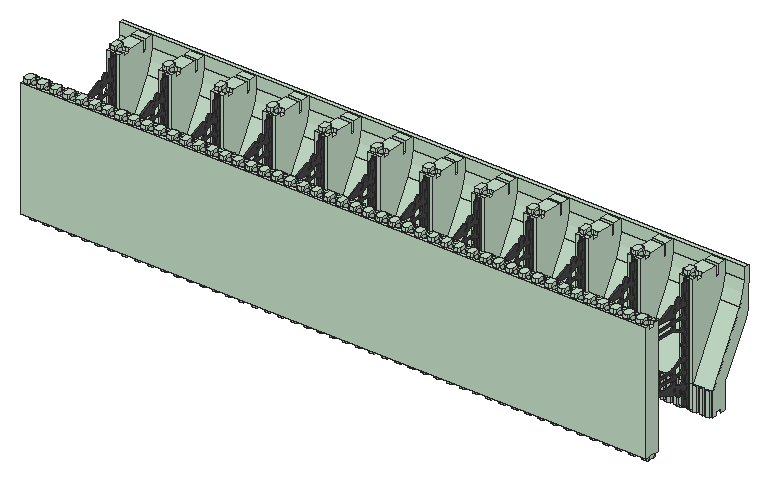
Revit family (continued)
Forms (mm)
  Extrusion 171, solid, material "NUDURA Expanded Polystyrene Foam Insulation"
    sketch origin (0, 0.011, 0) x (1, 0, 0) y (0, 1, 0)
      loop
        line (386.558, 76.2) -> (400.842, 76.2) -> (399.258, 82.55) -> (388.142, 82.55) -> (386.558, 76.2)
      loop
        line (361.158, 76.2) -> (375.442, 76.2) -> (373.858, 82.55) -> (362.742, 82.55) -> (361.158, 76.2)
      loop
        line (335.758, 76.2) -> (350.042, 76.2) -> (348.458, 82.55) -> (337.342, 82.55) -> (335.758, 76.2)
      loop
        line (259.558, 76.2) -> (273.842, 76.2) -> (272.258, 82.55) -> (261.142, 82.55) -> (259.558, 76.2)
      loop
        line (234.158, 76.2) -> (248.442, 76.2) -> (246.858, 82.55) -> (235.742, 82.55) -> (234.158, 76.2)
      loop
        line (208.758, 76.2) -> (223.042, 76.2) -> (221.458, 82.55) -> (210.342, 82.55) -> (208.758, 76.2)
      loop
        line (183.358, 76.2) -> (197.642, 76.2) -> (196.058, 82.55) -> (184.942, 82.55) -> (183.358, 76.2)
      loop
        line (157.958, 76.2) -> (172.242, 76.2) -> (170.658, 82.55) -> (159.542, 82.55) -> (157.958, 76.2)
      loop
        line (132.558, 76.2) -> (146.842, 76.2) -> (145.258, 82.55) -> (134.142, 82.55) -> (132.558, 76.2)
      loop
        line (56.358, 76.2) -> (70.642, 76.2) -> (69.058, 82.55) -> (57.942, 82.55) -> (56.358, 76.2)
      loop
        line (30.958, 76.2) -> (45.242, 76.2) -> (43.658, 82.55) -> (32.542, 82.55) -> (30.958, 76.2)
      loop
        line (5.558, 76.2) -> (19.842, 76.2) -> (18.258, 82.55) -> (7.142, 82.55) -> (5.558, 76.2)
    from 0 to 92.075
Cuts and joins
  Extrusion 2, Extrusion 3, Extrusion 4, Extrusion 5, Extrusion 6, Extrusion 7, Extrusion 8, Extrusion 9, Extrusion 10, Extrusion 11, Extrusion 12, Extrusion 13, Extrusion 14, Extrusion 15, Extrusion 16, Extrusion 17, Extrusion 18, Extrusion 19, Extrusion 20, Extrusion 21, Extrusion 22, Extrusion 23, Extrusion 24, Extrusion 25, Extrusion 26, Extrusion 27, Extrusion 28, Extrusion 29, Extrusion 30, Extrusion 31, Extrusion 32, Extrusion 33, Extrusion 34, Extrusion 35, Extrusion 36, Extrusion 37, Extrusion 38, Extrusion 39, Extrusion 40, Extrusion 41, Extrusion 42, Extrusion 43, Extrusion 44, Extrusion 45, Extrusion 46, Extrusion 47, Extrusion 48, Extrusion 49, Extrusion 62, Extrusion 63, Extrusion 64, Extrusion 65, Extrusion 66, Extrusion 67, Extrusion 68, Extrusion 69, Extrusion 70, Extrusion 71, Extrusion 72, Extrusion 73, Extrusion 74, Extrusion 75, Extrusion 76, Extrusion 77, Extrusion 78, Extrusion 79, Extrusion 80, Extrusion 81, Extrusion 82, Extrusion 83, Extrusion 84, Extrusion 85, Extrusion 86, Extrusion 87, Extrusion 88, Extrusion 89, Extrusion 90, Extrusion 91, Extrusion 92, Extrusion 93, Extrusion 94, Extrusion 95, Extrusion 96, Extrusion 97, Extrusion 98, Extrusion 99, Extrusion 100, Extrusion 101, Extrusion 102, Extrusion 103, Extrusion 104, Extrusion 105, Extrusion 106, Extrusion 107, Extrusion 108, Extrusion 109 cuts Extrusion 1
  Extrusion 50, Extrusion 110, Extrusion 111, Extrusion 112, Extrusion 113, Extrusion 114, Extrusion 115, Extrusion 116, Extrusion 117, Extrusion 118, Extrusion 119, Extrusion 120, Extrusion 121, Extrusion 122, Extrusion 123, Extrusion 124, Extrusion 125, Extrusion 126, Extrusion 127, Extrusion 128, Extrusion 129, Extrusion 130, Extrusion 131, Extrusion 132, Extrusion 133, Extrusion 134, Extrusion 135, Extrusion 136, Extrusion 137, Extrusion 138, Extrusion 139, Extrusion 140, Extrusion 141, Extrusion 142, Extrusion 143, Extrusion 144, Extrusion 145, Extrusion 146, Extrusion 147, Extrusion 148, Extrusion 149, Extrusion 150, Extrusion 151, Extrusion 152, Extrusion 153, Extrusion 154, Extrusion 155, Extrusion 156, Extrusion 157 cuts Extrusion 158
  Extrusion 50 cuts Extrusion 170
  Extrusion 51 cuts Extrusion 169
  Extrusion 52 cuts Extrusion 168
  Extrusion 53 cuts Extrusion 167
  Extrusion 54 cuts Extrusion 166
  Extrusion 55 cuts Extrusion 165
  Extrusion 56 cuts Extrusion 164
  Extrusion 57 cuts Extrusion 163
  Extrusion 58 cuts Extrusion 162
  Extrusion 59 cuts Extrusion 161
  Extrusion 60 cuts Extrusion 160
  Extrusion 61 cuts Extrusion 159
Lines and regions (mm)
  model lines
    curve 1: line (203.2, -244.464, 457.2) -> (203.2, -244.464, 0)
Dimensions and locks
  aligned and locked: level to plane 2
  aligned and locked: level to Extrusion 1
Nested families
  nested 1: "NUDURA Diamond Pattern" at (0, -101.589, 0), type "NUDURA Diamond Pattern"
  nested 2: "NUDURA Diamond Pattern" at (406.4, -101.589, 0), type "NUDURA Diamond Pattern"
  nested 3: "NUDURA Diamond Pattern" at (609.6, -101.589, 0), type "NUDURA Diamond Pattern"
  nested 4: "NUDURA Diamond Pattern" at (1016, -101.589, 0), type "NUDURA Diamond Pattern"
  nested 5: "NUDURA Diamond Pattern" at (1219.2, -101.589, 0), type "NUDURA Diamond Pattern"
  nested 6: "NUDURA Diamond Pattern" at (1625.6, -101.589, 0), type "NUDURA Diamond Pattern"
  nested 7: "NUDURA Diamond Pattern" at (1828.8, -101.589, 0), type "NUDURA Diamond Pattern"
  nested 8: "NUDURA Diamond Pattern" at (2235.2, -101.589, 0), type "NUDURA Diamond Pattern"
  nested 9: "Interlock Tooth" at (0, -101.589, 0), type "Interlock Tooth"
  nested 10: "Interlock Tooth" at (50.8, -101.589, 0), type "Interlock Tooth"
  nested 11: "Interlock Tooth" at (101.6, -101.589, 0), type "Interlock Tooth"
  nested 12: "Interlock Tooth" at (152.4, -101.589, 0), type "Interlock Tooth"
  nested 13: "Interlock Tooth" at (203.2, -101.589, 0), type "Interlock Tooth"
  nested 14: "Interlock Tooth" at (254, -101.589, 0), type "Interlock Tooth"
  nested 15: "Interlock Tooth" at (304.8, -101.589, 0), type "Interlock Tooth"
  nested 16: "Interlock Tooth" at (355.6, -101.589, 0), type "Interlock Tooth"
  nested 17: "Interlock Tooth" at (406.4, -101.589, 0), type "Interlock Tooth"
  nested 18: "Interlock Tooth" at (457.2, -101.589, 0), type "Interlock Tooth"
  nested 19: "Interlock Tooth" at (508, -101.589, 0), type "Interlock Tooth"
  nested 20: "Interlock Tooth" at (558.8, -101.589, 0), type "Interlock Tooth"
  nested 21: "Interlock Tooth" at (609.6, -101.589, 0), type "Interlock Tooth"
  nested 22: "Interlock Tooth" at (660.4, -101.589, 0), type "Interlock Tooth"
  nested 23: "Interlock Tooth" at (711.2, -101.589, 0), type "Interlock Tooth"
  nested 24: "Interlock Tooth" at (762, -101.589, 0), type "Interlock Tooth"
  nested 25: "Interlock Tooth" at (812.8, -101.589, 0), type "Interlock Tooth"
  nested 26: "Interlock Tooth" at (863.6, -101.589, 0), type "Interlock Tooth"
  nested 27: "Interlock Tooth" at (914.4, -101.589, 0), type "Interlock Tooth"
  nested 28: "Interlock Tooth" at (965.2, -101.589, 0), type "Interlock Tooth"
  nested 29: "Interlock Tooth" at (1016, -101.589, 0), type "Interlock Tooth"
  nested 30: "Interlock Tooth" at (1066.8, -101.589, 0), type "Interlock Tooth"
  nested 31: "Interlock Tooth" at (1117.6, -101.589, 0), type "Interlock Tooth"
  nested 32: "Interlock Tooth" at (1168.4, -101.589, 0), type "Interlock Tooth"
  nested 33: "Interlock Tooth" at (1219.2, -101.589, 0), type "Interlock Tooth"
  nested 34: "Interlock Tooth" at (1270, -101.589, 0), type "Interlock Tooth"
  nested 35: "Interlock Tooth" at (1320.8, -101.589, 0), type "Interlock Tooth"
  nested 36: "Interlock Tooth" at (1371.6, -101.589, 0), type "Interlock Tooth"
  nested 37: "Interlock Tooth" at (1422.4, -101.589, 0), type "Interlock Tooth"
  nested 38: "Interlock Tooth" at (1473.2, -101.589, 0), type "Interlock Tooth"
  nested 39: "Interlock Tooth" at (1524, -101.589, 0), type "Interlock Tooth"
  nested 40: "Interlock Tooth" at (1574.8, -101.589, 0), type "Interlock Tooth"
  nested 41: "Interlock Tooth" at (1625.6, -101.589, 0), type "Interlock Tooth"
  nested 42: "Interlock Tooth" at (1676.4, -101.589, 0), type "Interlock Tooth"
  nested 43: "Interlock Tooth" at (1727.2, -101.589, 0), type "Interlock Tooth"
  nested 44: "Interlock Tooth" at (1778, -101.589, 0), type "Interlock Tooth"
  nested 45: "Interlock Tooth" at (1828.8, -101.589, 0), type "Interlock Tooth"
  nested 46: "Interlock Tooth" at (1879.6, -101.589, 0), type "Interlock Tooth"
  nested 47: "Interlock Tooth" at (1930.4, -101.589, 0), type "Interlock Tooth"
  nested 48: "Interlock Tooth" at (1981.2, -101.589, 0), type "Interlock Tooth"
  nested 49: "Interlock Tooth" at (2032, -101.589, 0), type "Interlock Tooth"
  nested 50: "Interlock Tooth" at (2082.8, -101.589, 0), type "Interlock Tooth"
  nested 51: "Interlock Tooth" at (2133.6, -101.589, 0), type "Interlock Tooth"
  nested 52: "Interlock Tooth" at (2184.4, -101.589, 0), type "Interlock Tooth"
  nested 53: "Interlock Tooth" at (2235.2, -101.589, 0), type "Interlock Tooth"
  nested 54: "Interlock Tooth" at (2286, -101.589, 0), type "Interlock Tooth"
  nested 55: "Interlock Tooth" at (2336.8, -101.589, 0), type "Interlock Tooth"
  nested 56: "Interlock Tooth" at (2387.6, -101.589, 0), type "Interlock Tooth"
  nested 57: "Interlock Tooth" at (76.2, 225.436, 0), type "Interlock Tooth"
  nested 58: "Interlock Tooth" at (279.4, 225.436, 0), type "Interlock Tooth"
  nested 59: "Interlock Tooth" at (482.6, 225.436, 0), type "Interlock Tooth"
  nested 60: "Interlock Tooth" at (685.8, 225.436, 0), type "Interlock Tooth"
  nested 61: "Interlock Tooth" at (889, 225.436, 0), type "Interlock Tooth"
  nested 62: "Interlock Tooth" at (1092.2, 225.436, 0), type "Interlock Tooth"
  nested 63: "Interlock Tooth" at (1295.4, 225.436, 0), type "Interlock Tooth"
  nested 64: "Interlock Tooth" at (1498.6, 225.436, 0), type "Interlock Tooth"
  nested 65: "Interlock Tooth" at (1701.8, 225.436, 0), type "Interlock Tooth"
  nested 66: "Interlock Tooth" at (1905, 225.436, 0), type "Interlock Tooth"
  nested 67: "Interlock Tooth" at (2108.2, 225.436, 0), type "Interlock Tooth"
  nested 68: "Interlock Tooth" at (2311.4, 225.436, 0), type "Interlock Tooth"
  nested 69: "Interlock Tooth" at (25.4, -327.014, -469.9), type "Interlock Tooth"
  nested 70: "Interlock Tooth" at (76.2, -327.014, -469.9), type "Interlock Tooth"
  nested 71: "Interlock Tooth" at (127, -327.014, -469.9), type "Interlock Tooth"
  nested 72: "Interlock Tooth" at (177.8, -327.014, -469.9), type "Interlock Tooth"
  nested 73: "Interlock Tooth" at (228.6, -327.014, -469.9), type "Interlock Tooth"
  nested 74: "Interlock Tooth" at (279.4, -327.014, -469.9), type "Interlock Tooth"
  nested 75: "Interlock Tooth" at (330.2, -327.014, -469.9), type "Interlock Tooth"
  nested 76: "Interlock Tooth" at (381, -327.014, -469.9), type "Interlock Tooth"
  nested 77: "Interlock Tooth" at (431.8, -327.014, -469.9), type "Interlock Tooth"
  nested 78: "Interlock Tooth" at (482.6, -327.014, -469.9), type "Interlock Tooth"
  nested 79: "Interlock Tooth" at (533.4, -327.014, -469.9), type "Interlock Tooth"
  nested 80: "Interlock Tooth" at (584.2, -327.014, -469.9), type "Interlock Tooth"
  nested 81: "Interlock Tooth" at (635, -327.014, -469.9), type "Interlock Tooth"
  nested 82: "Interlock Tooth" at (685.8, -327.014, -469.9), type "Interlock Tooth"
  nested 83: "Interlock Tooth" at (736.6, -327.014, -469.9), type "Interlock Tooth"
  nested 84: "Interlock Tooth" at (787.4, -327.014, -469.9), type "Interlock Tooth"
  nested 85: "Interlock Tooth" at (838.2, -327.014, -469.9), type "Interlock Tooth"
  nested 86: "Interlock Tooth" at (889, -327.014, -469.9), type "Interlock Tooth"
  nested 87: "Interlock Tooth" at (939.8, -327.014, -469.9), type "Interlock Tooth"
  nested 88: "Interlock Tooth" at (990.6, -327.014, -469.9), type "Interlock Tooth"
  nested 89: "Interlock Tooth" at (1041.4, -327.014, -469.9), type "Interlock Tooth"
  nested 90: "Interlock Tooth" at (1092.2, -327.014, -469.9), type "Interlock Tooth"
  nested 91: "Interlock Tooth" at (1143, -327.014, -469.9), type "Interlock Tooth"
  nested 92: "Interlock Tooth" at (1193.8, -327.014, -469.9), type "Interlock Tooth"
  nested 93: "Interlock Tooth" at (1244.6, -327.014, -469.9), type "Interlock Tooth"
  nested 94: "Interlock Tooth" at (1295.4, -327.014, -469.9), type "Interlock Tooth"
  nested 95: "Interlock Tooth" at (1346.2, -327.014, -469.9), type "Interlock Tooth"
  nested 96: "Interlock Tooth" at (1397, -327.014, -469.9), type "Interlock Tooth"
  nested 97: "Interlock Tooth" at (1447.8, -327.014, -469.9), type "Interlock Tooth"
  nested 98: "Interlock Tooth" at (1498.6, -327.014, -469.9), type "Interlock Tooth"
  nested 99: "Interlock Tooth" at (1549.4, -327.014, -469.9), type "Interlock Tooth"
  nested 100: "Interlock Tooth" at (1600.2, -327.014, -469.9), type "Interlock Tooth"
  nested 101: "Interlock Tooth" at (1651, -327.014, -469.9), type "Interlock Tooth"
  nested 102: "Interlock Tooth" at (1701.8, -327.014, -469.9), type "Interlock Tooth"
  nested 103: "Interlock Tooth" at (1752.6, -327.014, -469.9), type "Interlock Tooth"
  nested 104: "Interlock Tooth" at (1803.4, -327.014, -469.9), type "Interlock Tooth"
  nested 105: "Interlock Tooth" at (1854.2, -327.014, -469.9), type "Interlock Tooth"
  nested 106: "Interlock Tooth" at (1905, -327.014, -469.9), type "Interlock Tooth"
  nested 107: "Interlock Tooth" at (1955.8, -327.014, -469.9), type "Interlock Tooth"
  nested 108: "Interlock Tooth" at (2006.6, -327.014, -469.9), type "Interlock Tooth"
  nested 109: "Interlock Tooth" at (2057.4, -327.014, -469.9), type "Interlock Tooth"
  nested 110: "Interlock Tooth" at (2108.2, -327.014, -469.9), type "Interlock Tooth"
  nested 111: "Interlock Tooth" at (2159, -327.014, -469.9), type "Interlock Tooth"
  nested 112: "Interlock Tooth" at (2209.8, -327.014, -469.9), type "Interlock Tooth"
  nested 113: "Interlock Tooth" at (2260.6, -327.014, -469.9), type "Interlock Tooth"
  nested 114: "Interlock Tooth" at (2311.4, -327.014, -469.9), type "Interlock Tooth"
  nested 115: "Interlock Tooth" at (2362.2, -327.014, -469.9), type "Interlock Tooth"
  nested 116: "Interlock Tooth" at (2413, -327.014, -469.9), type "Interlock Tooth"
  nested 117: "Interlock Tooth" at (0, 0.011, -469.9), type "Interlock Tooth"
  nested 118: "Interlock Tooth" at (50.8, 0.011, -469.9), type "Interlock Tooth"
  nested 119: "Interlock Tooth" at (101.6, 0.011, -469.9), type "Interlock Tooth"
  nested 120: "Interlock Tooth" at (152.4, 0.011, -469.9), type "Interlock Tooth"
  nested 121: "Interlock Tooth" at (203.2, 0.011, -469.9), type "Interlock Tooth"
  nested 122: "Interlock Tooth" at (254, 0.011, -469.9), type "Interlock Tooth"
  nested 123: "Interlock Tooth" at (304.8, 0.011, -469.9), type "Interlock Tooth"
  nested 124: "Interlock Tooth" at (355.6, 0.011, -469.9), type "Interlock Tooth"
  nested 125: "Interlock Tooth" at (406.4, 0.011, -469.9), type "Interlock Tooth"
  nested 126: "Interlock Tooth" at (457.2, 0.011, -469.9), type "Interlock Tooth"
  nested 127: "Interlock Tooth" at (508, 0.011, -469.9), type "Interlock Tooth"
  nested 128: "Interlock Tooth" at (558.8, 0.011, -469.9), type "Interlock Tooth"
  nested 129: "Interlock Tooth" at (609.6, 0.011, -469.9), type "Interlock Tooth"
  nested 130: "Interlock Tooth" at (660.4, 0.011, -469.9), type "Interlock Tooth"
  nested 131: "Interlock Tooth" at (711.2, 0.011, -469.9), type "Interlock Tooth"
  nested 132: "Interlock Tooth" at (762, 0.011, -469.9), type "Interlock Tooth"
  nested 133: "Interlock Tooth" at (812.8, 0.011, -469.9), type "Interlock Tooth"
  nested 134: "Interlock Tooth" at (863.6, 0.011, -469.9), type "Interlock Tooth"
  nested 135: "Interlock Tooth" at (914.4, 0.011, -469.9), type "Interlock Tooth"
  nested 136: "Interlock Tooth" at (965.2, 0.011, -469.9), type "Interlock Tooth"
  nested 137: "Interlock Tooth" at (1016, 0.011, -469.9), type "Interlock Tooth"
  nested 138: "Interlock Tooth" at (1066.8, 0.011, -469.9), type "Interlock Tooth"
  nested 139: "Interlock Tooth" at (1117.6, 0.011, -469.9), type "Interlock Tooth"
  nested 140: "Interlock Tooth" at (1168.4, 0.011, -469.9), type "Interlock Tooth"
  nested 141: "Interlock Tooth" at (1219.2, 0.011, -469.9), type "Interlock Tooth"
  nested 142: "Interlock Tooth" at (1270, 0.011, -469.9), type "Interlock Tooth"
  nested 143: "Interlock Tooth" at (1320.8, 0.011, -469.9), type "Interlock Tooth"
  nested 144: "Interlock Tooth" at (1371.6, 0.011, -469.9), type "Interlock Tooth"
  nested 145: "Interlock Tooth" at (1422.4, 0.011, -469.9), type "Interlock Tooth"
  nested 146: "Interlock Tooth" at (1473.2, 0.011, -469.9), type "Interlock Tooth"
  nested 147: "Interlock Tooth" at (1524, 0.011, -469.9), type "Interlock Tooth"
  nested 148: "Interlock Tooth" at (1574.8, 0.011, -469.9), type "Interlock Tooth"
  nested 149: "Interlock Tooth" at (1625.6, 0.011, -469.9), type "Interlock Tooth"
  nested 150: "Interlock Tooth" at (1676.4, 0.011, -469.9), type "Interlock Tooth"
  nested 151: "Interlock Tooth" at (1727.2, 0.011, -469.9), type "Interlock Tooth"
  nested 152: "Interlock Tooth" at (1778, 0.011, -469.9), type "Interlock Tooth"
  nested 153: "Interlock Tooth" at (1828.8, 0.011, -469.9), type "Interlock Tooth"
  nested 154: "Interlock Tooth" at (1879.6, 0.011, -469.9), type "Interlock Tooth"
  nested 155: "Interlock Tooth" at (1930.4, 0.011, -469.9), type "Interlock Tooth"
  nested 156: "Interlock Tooth" at (1981.2, 0.011, -469.9), type "Interlock Tooth"
  nested 157: "Interlock Tooth" at (2032, 0.011, -469.9), type "Interlock Tooth"
  nested 158: "Interlock Tooth" at (2082.8, 0.011, -469.9), type "Interlock Tooth"
  nested 159: "Interlock Tooth" at (2133.6, 0.011, -469.9), type "Interlock Tooth"
  nested 160: "Interlock Tooth" at (2184.4, 0.011, -469.9), type "Interlock Tooth"
  nested 161: "Interlock Tooth" at (2235.2, 0.011, -469.9), type "Interlock Tooth"
  nested 162: "Interlock Tooth" at (2286, 0.011, -469.9), type "Interlock Tooth"
  nested 163: "Interlock Tooth" at (2336.8, 0.011, -469.9), type "Interlock Tooth"
  nested 164: "Interlock Tooth" at (2387.6, 0.011, -469.9), type "Interlock Tooth"
  nested 165: "NUDURA Logo Diamond" at (0, -244.464, 0), type "NUDURA Logo Diamond"
  nested 166: "NUDURA Logo Diamond" at (609.6, -244.464, 0), type "NUDURA Logo Diamond"
  nested 167: "NUDURA Logo Diamond" at (1219.2, -244.464, 0), type "NUDURA Logo Diamond"
  nested 168: "NUDURA Logo Diamond" at (1828.8, -244.464, 0), type "NUDURA Logo Diamond"
  nested 169: "NUDURA Brick Ledge Diamond Pattern" at (2235.2, 285.761, 0), type "NUDURA Brick Ledge Diamond Pattern"
  nested 170: "NUDURA Brick Ledge Diamond Pattern" at (2032, 285.761, 0), type "NUDURA Brick Ledge Diamond Pattern"
  nested 171: "NUDURA Brick Ledge Diamond Pattern" at (1828.8, 285.761, 0), type "NUDURA Brick Ledge Diamond Pattern"
  nested 172: "NUDURA Brick Ledge Diamond Pattern" at (1625.6, 285.761, 0), type "NUDURA Brick Ledge Diamond Pattern"
  nested 173: "NUDURA Brick Ledge Diamond Pattern" at (1422.4, 285.761, 0), type "NUDURA Brick Ledge Diamond Pattern"
  nested 174: "NUDURA Brick Ledge Diamond Pattern" at (1219.2, 285.761, 0), type "NUDURA Brick Ledge Diamond Pattern"
  nested 175: "NUDURA Brick Ledge Diamond Pattern" at (1016, 285.761, 0), type "NUDURA Brick Ledge Diamond Pattern"
  nested 176: "NUDURA Brick Ledge Diamond Pattern" at (812.8, 285.761, 0), type "NUDURA Brick Ledge Diamond Pattern"
  nested 177: "NUDURA Brick Ledge Diamond Pattern" at (609.6, 285.761, 0), type "NUDURA Brick Ledge Diamond Pattern"
  nested 178: "NUDURA Brick Ledge Diamond Pattern" at (406.4, 285.761, 0), type "NUDURA Brick Ledge Diamond Pattern"
  nested 179: "NUDURA Brick Ledge Diamond Pattern" at (203.2, 285.761, 0), type "NUDURA Brick Ledge Diamond Pattern"
  nested 180: "NUDURA Brick Ledge Diamond Pattern" at (0, 285.761, 0), type "NUDURA Brick Ledge Diamond Pattern"
  nested 181: "10-inch Insert Web" at (101.6, -50.789, 0), type "10-inch Insert Web"
  nested 182: "10-inch Insert Web" at (304.8, -50.789, 0), type "10-inch Insert Web"
  nested 183: "10-inch Insert Web" at (508, -50.789, 0), type "10-inch Insert Web"
  nested 184: "10-inch Insert Web" at (711.2, -50.789, 0), type "10-inch Insert Web"
  nested 185: "10-inch Insert Web" at (914.4, -50.789, 0), type "10-inch Insert Web"
  nested 186: "10-inch Insert Web" at (1117.6, -50.789, 0), type "10-inch Insert Web"
  nested 187: "10-inch Insert Web" at (1320.8, -50.789, 0), type "10-inch Insert Web"
  nested 188: "10-inch Insert Web" at (1727.2, -50.789, 0), type "10-inch Insert Web"
  nested 189: "10-inch Insert Web" at (1930.4, -50.789, 0), type "10-inch Insert Web"
  nested 190: "10-inch Insert Web" at (1524, -50.789, 0), type "10-inch Insert Web"
  nested 191: "10-inch Insert Web" at (2133.6, -50.789, 0), type "10-inch Insert Web"
  nested 192: "10-inch Insert Web" at (2336.8, -50.789, 0), type "10-inch Insert Web"
Definition of nested family "Interlock Tooth"
  Reference planes
    plane 1 "Center (Front/Back)": y = 0
    plane 2: z = 0
    plane 3 "Center (Left/Right)": x = 0
    plane 4: z = 457.2
    plane 5: z = 469.9
    plane 6: z = -12.7
  Forms (mm)
    Extrusion 1, solid, material "NUDURA Expanded Polystyrene Foam Insulation"
      sketch origin (0, -225.425, 0) x (1, 0, 0) y (0, 1, 0)
        loop
          arc (0, 101.014) -> (1.215, 97.278) -> (4.396, 94.972) r 6.35
          arc (4.396, 94.972) -> (12.7, 93.663) -> (21.004, 94.972) r 26.988
          arc (21.004, 94.972) -> (24.185, 97.278) -> (25.4, 101.014) r 6.35
          line (25.4, 101.014) -> (25.4, 124.411)
          arc (25.4, 124.411) -> (24.185, 128.147) -> (21.004, 130.453) r 6.35
          arc (21.004, 130.453) -> (12.7, 131.763) -> (4.396, 130.453) r 26.987
          arc (4.396, 130.453) -> (1.215, 128.147) -> (0, 124.411) r 6.35
          line (0, 124.411) -> (0, 101.014)
      from 457.2 to 469.9
  Dimensions and locks
    locked: plane 4 to level at 457.2
    locked: plane 4 to plane 5 at 12.7
    locked: plane 6 to level at 12.7
Definition of nested family "10-inch Insert Web"
  Reference planes
    plane 1 "Center (Front/Back)": y = 0
    plane 2: z = 0
    plane 3 "Center (Left/Right)": x = 0
  Forms (mm)
    Extrusion 1, solid, material "High Density Polystyrene"
      sketch origin (0, 0, 0) x (0, 1, 0) y (0, 0, 1)
        loop
          line (133.35, 0) -> (133.35, 450.744)
          arc (133.35, 450.744) -> (132.617, 450.243) -> (132.334, 449.4) r 1.397
          line (132.334, 449.4) -> (132.334, 1.344)
          arc (132.334, 1.344) -> (132.617, 0.502) -> (133.35, 0) r 1.397
        loop
          arc (-133.35, 0) -> (-132.617, 0.502) -> (-132.334, 1.344) r 1.397
          line (-132.334, 1.344) -> (-132.334, 449.4)
          arc (-132.334, 449.4) -> (-132.617, 450.243) -> (-133.35, 450.744) r 1.397
          line (-133.35, 450.744) -> (-133.35, 0)
      from 9.227 to -9.227
    Extrusion 2, solid, material "High Density Polystyrene"
      sketch origin (0, 0, 0) x (0, 1, 0) y (0, 0, 1)
        loop
          arc (131.798, 442.16) -> (132.175, 442.021) -> (132.334, 441.652) r 0.508
          line (132.334, 441.652) -> (132.334, 447.972)
          arc (132.334, 447.972) -> (132.229, 447.585) -> (131.942, 447.306) r 0.762
          line (131.942, 447.306) -> (130.186, 446.33)
          arc (130.186, 446.33) -> (129.899, 446.05) -> (129.794, 445.664) r 0.762
          line (129.794, 445.664) -> (129.794, 442.585)
          arc (129.794, 442.585) -> (129.953, 442.216) -> (130.33, 442.078) r 0.508
          line (130.33, 442.078) -> (131.798, 442.16)
        loop
          line (-130.186, 446.33) -> (-131.942, 447.306)
          arc (-131.942, 447.306) -> (-132.229, 447.585) -> (-132.334, 447.972) r 0.762
          line (-132.334, 447.972) -> (-132.334, 441.652)
          arc (-132.334, 441.652) -> (-132.175, 442.021) -> (-131.798, 442.16) r 0.508
          line (-131.798, 442.16) -> (-130.33, 442.078)
          arc (-130.33, 442.078) -> (-129.953, 442.216) -> (-129.794, 442.585) r 0.508
          line (-129.794, 442.585) -> (-129.794, 445.664)
          arc (-129.794, 445.664) -> (-129.899, 446.05) -> (-130.186, 446.33) r 0.762
        loop
          line (131.798, 8.585) -> (130.33, 8.666)
          arc (130.33, 8.666) -> (129.953, 8.528) -> (129.794, 8.159) r 0.508
          line (129.794, 8.159) -> (129.794, 5.08)
          arc (129.794, 5.08) -> (129.899, 4.694) -> (130.186, 4.414) r 0.762
          line (130.186, 4.414) -> (131.942, 3.439)
          arc (131.942, 3.439) -> (132.229, 3.159) -> (132.334, 2.772) r 0.762
          line (132.334, 2.772) -> (132.334, 9.092)
          arc (132.334, 9.092) -> (132.175, 8.723) -> (131.798, 8.585) r 0.508
        loop
          arc (-130.186, 4.414) -> (-129.899, 4.694) -> (-129.794, 5.08) r 0.762
          line (-129.794, 5.08) -> (-129.794, 8.159)
          arc (-129.794, 8.159) -> (-129.953, 8.528) -> (-130.33, 8.666) r 0.508
          line (-130.33, 8.666) -> (-131.798, 8.585)
          arc (-131.798, 8.585) -> (-132.175, 8.723) -> (-132.334, 9.092) r 0.508
          line (-132.334, 9.092) -> (-132.334, 2.772)
          arc (-132.334, 2.772) -> (-132.229, 3.159) -> (-131.942, 3.439) r 0.762
          line (-131.942, 3.439) -> (-130.186, 4.414)
        loop
          line (127, 437.076) -> (125.095, 442.918)
          arc (125.095, 442.918) -> (123.825, 443.68) -> (122.555, 442.918) r 1.439
          line (122.555, 442.918) -> (121.313, 439.108) -> (118.083, 439.108)
          arc (118.083, 439.108) -> (117.204, 438.744) -> (116.84, 437.865) r 1.243
          line (116.84, 437.865) -> (116.84, 437.076) -> (114.3, 437.076) -> (114.3, 400.201)
          arc (114.3, 400.201) -> (112.544, 393.421) -> (107.718, 388.345) r 13.97
          arc (107.718, 388.345) -> (106.485, 386.915) -> (106.281, 385.039) r 3.175
          arc (106.281, 385.039) -> (94.976, 376.743) -> (95.802, 390.741) r 7.747
          arc (95.802, 390.741) -> (98.914, 398.005) -> (91.65, 401.117) r 5.588
          arc (91.65, 401.117) -> (82.659, 393.619) -> (79.799, 382.266) r 18.923
          arc (79.799, 382.266) -> (78.691, 371.727) -> (75.421, 361.646) r 50.8
          arc (75.421, 361.646) -> (62.744, 361.552) -> (66.95, 373.51) r 7.747
          arc (66.95, 373.51) -> (70.834, 381.929) -> (61.911, 384.447) r 6.096
          line (61.911, 384.447) -> (12.7, 361.328)
          arc (12.7, 361.328) -> (6.523, 359.099) -> (0, 358.343) r 28.508
          arc (0, 358.343) -> (-6.523, 359.099) -> (-12.7, 361.328) r 28.508
          line (-12.7, 361.328) -> (-61.911, 384.447)
          arc (-61.911, 384.447) -> (-70.834, 381.929) -> (-66.95, 373.51) r 6.096
          arc (-66.95, 373.51) -> (-62.744, 361.552) -> (-75.421, 361.646) r 7.747
          arc (-75.421, 361.646) -> (-78.691, 371.727) -> (-79.799, 382.266) r 50.8
          arc (-79.799, 382.266) -> (-82.659, 393.619) -> (-91.65, 401.117) r 18.923
          arc (-91.65, 401.117) -> (-98.914, 398.005) -> (-95.802, 390.741) r 5.588
          arc (-95.802, 390.741) -> (-94.976, 376.743) -> (-106.281, 385.039) r 7.747
          arc (-106.281, 385.039) -> (-106.485, 386.915) -> (-107.718, 388.345) r 3.175
          arc (-107.718, 388.345) -> (-112.544, 393.421) -> (-114.3, 400.201) r 13.97
          line (-114.3, 400.201) -> (-114.3, 437.076) -> (-116.84, 437.076) -> (-116.84, 437.865)
          arc (-116.84, 437.865) -> (-117.204, 438.744) -> (-118.083, 439.108) r 1.243
          line (-118.083, 439.108) -> (-121.313, 439.108) -> (-122.555, 442.918)
          arc (-122.555, 442.918) -> (-123.825, 443.68) -> (-125.095, 442.918) r 1.439
          line (-125.095, 442.918) -> (-127, 437.076) -> (-127, 16.896) -> (-125.095, 11.054)
          arc (-125.095, 11.054) -> (-123.825, 10.292) -> (-122.555, 11.054) r 1.439
          line (-122.555, 11.054) -> (-121.313, 14.864) -> (-118.083, 14.864)
          arc (-118.083, 14.864) -> (-117.204, 15.228) -> (-116.84, 16.107) r 1.243
          line (-116.84, 16.107) -> (-116.84, 16.896) -> (-114.3, 16.896) -> (-114.3, 56.999)
          arc (-114.3, 56.999) -> (-112.544, 63.779) -> (-107.718, 68.855) r 13.97
          arc (-107.718, 68.855) -> (-106.485, 70.285) -> (-106.281, 72.161) r 3.175
          arc (-106.281, 72.161) -> (-94.976, 80.457) -> (-95.802, 66.459) r 7.747
          arc (-95.802, 66.459) -> (-98.914, 59.195) -> (-91.65, 56.083) r 5.588
          arc (-91.65, 56.083) -> (-82.659, 63.581) -> (-79.799, 74.934) r 18.923
          arc (-79.799, 74.934) -> (-78.691, 85.473) -> (-75.421, 95.554) r 50.8
          arc (-75.421, 95.554) -> (-62.744, 95.648) -> (-66.95, 83.69) r 7.747
          arc (-66.95, 83.69) -> (-70.834, 75.271) -> (-61.911, 72.753) r 6.096
          line (-61.911, 72.753) -> (-12.7, 95.872)
          arc (-12.7, 95.872) -> (-6.523, 98.101) -> (0, 98.857) r 28.508
          arc (0, 98.857) -> (6.523, 98.101) -> (12.7, 95.872) r 28.508
          line (12.7, 95.872) -> (61.911, 72.753)
          arc (61.911, 72.753) -> (70.834, 75.271) -> (66.95, 83.69) r 6.096
          arc (66.95, 83.69) -> (62.744, 95.648) -> (75.421, 95.554) r 7.747
          arc (75.421, 95.554) -> (78.691, 85.473) -> (79.799, 74.934) r 50.8
          arc (79.799, 74.934) -> (82.659, 63.581) -> (91.65, 56.083) r 18.923
          arc (91.65, 56.083) -> (98.914, 59.195) -> (95.802, 66.459) r 5.588
          arc (95.802, 66.459) -> (94.976, 80.457) -> (106.281, 72.161) r 7.747
          arc (106.281, 72.161) -> (106.485, 70.285) -> (107.718, 68.855) r 3.175
          arc (107.718, 68.855) -> (112.544, 63.779) -> (114.3, 56.999) r 13.97
          line (114.3, 56.999) -> (114.3, 16.896) -> (116.84, 16.896) -> (116.84, 16.107)
          arc (116.84, 16.107) -> (117.204, 15.228) -> (118.083, 14.864) r 1.243
          line (118.083, 14.864) -> (121.313, 14.864) -> (122.555, 11.054)
          arc (122.555, 11.054) -> (123.825, 10.292) -> (125.095, 11.054) r 1.439
          line (125.095, 11.054) -> (127, 16.896) -> (127, 437.076)
        loop
          line (0, 348.183) -> (-51.41, 348.183)
          arc (-51.41, 348.183) -> (-54.937, 348.292) -> (-58.451, 348.618) r 57.15
          arc (-58.451, 348.618) -> (-63.029, 345.093) -> (-66.04, 340.162) r 15.855
          line (-66.04, 340.162) -> (-66.04, 336.963)
          arc (-66.04, 336.963) -> (-62.352, 331.126) -> (-56.515, 327.438) r 15.684
          line (-56.515, 327.438) -> (0, 327.438) -> (56.515, 327.438)
          arc (56.515, 327.438) -> (62.352, 331.126) -> (66.04, 336.963) r 15.684
          line (66.04, 336.963) -> (66.04, 340.162)
          arc (66.04, 340.162) -> (63.029, 345.093) -> (58.451, 348.618) r 15.855
          arc (58.451, 348.618) -> (54.937, 348.292) -> (51.41, 348.183) r 57.15
          line (51.41, 348.183) -> (0, 348.183)
        loop
          line (0, 322.866) -> (-56.535, 322.866)
          arc (-56.535, 322.866) -> (-62.36, 319.178) -> (-66.04, 313.348) r 15.684
          line (-66.04, 313.348) -> (-66.04, 310.148)
          arc (-66.04, 310.148) -> (-63.03, 305.218) -> (-58.453, 301.693) r 15.855
          arc (-58.453, 301.693) -> (-54.928, 302.022) -> (-51.389, 302.131) r 57.15
          line (-51.389, 302.131) -> (0, 302.131) -> (51.389, 302.131)
          arc (51.389, 302.131) -> (54.928, 302.022) -> (58.453, 301.693) r 57.15
          arc (58.453, 301.693) -> (63.03, 305.218) -> (66.04, 310.148) r 15.855
          line (66.04, 310.148) -> (66.04, 313.348)
          arc (66.04, 313.348) -> (62.36, 319.178) -> (56.535, 322.866) r 15.684
          line (56.535, 322.866) -> (0, 322.866)
        loop
          line (78.437, 295.422) -> (100.738, 284.985)
          arc (100.738, 284.985) -> (109.887, 285.575) -> (114.3, 293.612) r 9.525
          line (114.3, 293.612) -> (114.3, 306.991)
          arc (114.3, 306.991) -> (109.65, 318.216) -> (98.425, 322.866) r 15.875
          line (98.425, 322.866) -> (83.82, 322.866)
          arc (83.82, 322.866) -> (74.84, 319.146) -> (71.12, 310.166) r 12.7
          line (71.12, 310.166) -> (71.12, 306.925)
          arc (71.12, 306.925) -> (73.104, 300.108) -> (78.437, 295.422) r 12.7
        loop
          line (114.3, 343.313) -> (114.3, 356.692)
          arc (114.3, 356.692) -> (109.887, 364.729) -> (100.738, 365.319) r 9.525
          line (100.738, 365.319) -> (78.437, 354.882)
          arc (78.437, 354.882) -> (73.104, 350.196) -> (71.12, 343.38) r 12.7
          line (71.12, 343.38) -> (71.12, 340.138)
          arc (71.12, 340.138) -> (74.84, 331.158) -> (83.82, 327.438) r 12.7
          line (83.82, 327.438) -> (98.425, 327.438)
          arc (98.425, 327.438) -> (109.65, 332.088) -> (114.3, 343.313) r 15.875
        loop
          line (106.983, 277.014) -> (75.025, 291.971)
          arc (75.025, 291.971) -> (63.208, 295.996) -> (50.8, 297.359) r 57.15
          line (50.8, 297.359) -> (0, 297.359) -> (-50.8, 297.359)
          arc (-50.8, 297.359) -> (-63.208, 295.996) -> (-75.025, 291.971) r 57.15
          line (-75.025, 291.971) -> (-106.983, 277.014)
          arc (-106.983, 277.014) -> (-112.316, 272.328) -> (-114.3, 265.512) r 12.7
          line (-114.3, 265.512) -> (-114.3, 236.534) -> (-111.252, 231.454) -> (-111.252, 228.6) -> (-111.252, 225.746) -> (-114.3, 220.666) -> (-114.3, 191.688)
          arc (-114.3, 191.688) -> (-112.316, 184.872) -> (-106.983, 180.186) r 12.7
          line (-106.983, 180.186) -> (-75.025, 165.229)
          arc (-75.025, 165.229) -> (-63.208, 161.204) -> (-50.8, 159.841) r 57.15
          line (-50.8, 159.841) -> (0, 159.841) -> (50.8, 159.841)
          arc (50.8, 159.841) -> (63.208, 161.204) -> (75.025, 165.229) r 57.15
          line (75.025, 165.229) -> (106.983, 180.186)
          arc (106.983, 180.186) -> (112.316, 184.872) -> (114.3, 191.688) r 12.7
          line (114.3, 191.688) -> (114.3, 220.666) -> (111.252, 225.746) -> (111.252, 228.6) -> (111.252, 231.454) -> (114.3, 236.534) -> (114.3, 265.512)
          arc (114.3, 265.512) -> (112.316, 272.328) -> (106.983, 277.014) r 12.7
        loop
          arc (-78.437, 295.422) -> (-73.104, 300.108) -> (-71.12, 306.925) r 12.7
          line (-71.12, 306.925) -> (-71.12, 310.166)
          arc (-71.12, 310.166) -> (-74.84, 319.146) -> (-83.82, 322.866) r 12.7
          line (-83.82, 322.866) -> (-98.425, 322.866)
          arc (-98.425, 322.866) -> (-109.65, 318.216) -> (-114.3, 306.991) r 15.875
          line (-114.3, 306.991) -> (-114.3, 293.612)
          arc (-114.3, 293.612) -> (-109.887, 285.575) -> (-100.738, 284.985) r 9.525
          line (-100.738, 284.985) -> (-78.437, 295.422)
        loop
          arc (-114.3, 343.313) -> (-109.65, 332.088) -> (-98.425, 327.438) r 15.875
          line (-98.425, 327.438) -> (-83.82, 327.438)
          arc (-83.82, 327.438) -> (-74.84, 331.158) -> (-71.12, 340.138) r 12.7
          line (-71.12, 340.138) -> (-71.12, 343.38)
          arc (-71.12, 343.38) -> (-73.104, 350.196) -> (-78.437, 354.882) r 12.7
          line (-78.437, 354.882) -> (-100.738, 365.319)
          arc (-100.738, 365.319) -> (-109.887, 364.729) -> (-114.3, 356.692) r 9.525
          line (-114.3, 356.692) -> (-114.3, 343.313)
        loop
          line (0, 109.017) -> (51.41, 109.017)
          arc (51.41, 109.017) -> (54.937, 108.908) -> (58.451, 108.582) r 57.15
          arc (58.451, 108.582) -> (63.029, 112.107) -> (66.04, 117.038) r 15.855
          line (66.04, 117.038) -> (66.04, 120.237)
          arc (66.04, 120.237) -> (62.352, 126.074) -> (56.515, 129.762) r 15.684
          line (56.515, 129.762) -> (0, 129.762) -> (-56.515, 129.762)
          arc (-56.515, 129.762) -> (-62.352, 126.074) -> (-66.04, 120.237) r 15.684
          line (-66.04, 120.237) -> (-66.04, 117.038)
          arc (-66.04, 117.038) -> (-63.029, 112.107) -> (-58.451, 108.582) r 15.855
          arc (-58.451, 108.582) -> (-54.937, 108.908) -> (-51.41, 109.017) r 57.15
          line (-51.41, 109.017) -> (0, 109.017)
        loop
          line (0, 134.334) -> (56.535, 134.334)
          arc (56.535, 134.334) -> (62.36, 138.022) -> (66.04, 143.852) r 15.684
          line (66.04, 143.852) -> (66.04, 147.052)
          arc (66.04, 147.052) -> (63.03, 151.982) -> (58.453, 155.507) r 15.855
          arc (58.453, 155.507) -> (54.928, 155.178) -> (51.389, 155.069) r 57.15
          line (51.389, 155.069) -> (0, 155.069) -> (-51.389, 155.069)
          arc (-51.389, 155.069) -> (-54.928, 155.178) -> (-58.453, 155.507) r 57.15
          arc (-58.453, 155.507) -> (-63.03, 151.982) -> (-66.04, 147.052) r 15.855
          line (-66.04, 147.052) -> (-66.04, 143.852)
          arc (-66.04, 143.852) -> (-62.36, 138.022) -> (-56.535, 134.334) r 15.684
          line (-56.535, 134.334) -> (0, 134.334)
        loop
          arc (78.437, 161.778) -> (73.104, 157.092) -> (71.12, 150.275) r 12.7
          line (71.12, 150.275) -> (71.12, 147.034)
          arc (71.12, 147.034) -> (74.84, 138.054) -> (83.82, 134.334) r 12.7
          line (83.82, 134.334) -> (98.425, 134.334)
          arc (98.425, 134.334) -> (109.65, 138.984) -> (114.3, 150.209) r 15.875
          line (114.3, 150.209) -> (114.3, 163.588)
          arc (114.3, 163.588) -> (109.887, 171.625) -> (100.738, 172.215) r 9.525
          line (100.738, 172.215) -> (78.437, 161.778)
        loop
          arc (114.3, 113.887) -> (109.65, 125.112) -> (98.425, 129.762) r 15.875
          line (98.425, 129.762) -> (83.82, 129.762)
          arc (83.82, 129.762) -> (74.84, 126.042) -> (71.12, 117.062) r 12.7
          line (71.12, 117.062) -> (71.12, 113.82)
          arc (71.12, 113.82) -> (73.104, 107.004) -> (78.437, 102.318) r 12.7
          line (78.437, 102.318) -> (100.738, 91.881)
          arc (100.738, 91.881) -> (109.887, 92.471) -> (114.3, 100.508) r 9.525
          line (114.3, 100.508) -> (114.3, 113.887)
        loop
          line (-78.437, 161.778) -> (-100.738, 172.215)
          arc (-100.738, 172.215) -> (-109.887, 171.625) -> (-114.3, 163.588) r 9.525
          line (-114.3, 163.588) -> (-114.3, 150.209)
          arc (-114.3, 150.209) -> (-109.65, 138.984) -> (-98.425, 134.334) r 15.875
          line (-98.425, 134.334) -> (-83.82, 134.334)
          arc (-83.82, 134.334) -> (-74.84, 138.054) -> (-71.12, 147.034) r 12.7
          line (-71.12, 147.034) -> (-71.12, 150.275)
          arc (-71.12, 150.275) -> (-73.104, 157.092) -> (-78.437, 161.778) r 12.7
        loop
          line (-114.3, 113.887) -> (-114.3, 100.508)
          arc (-114.3, 100.508) -> (-109.887, 92.471) -> (-100.738, 91.881) r 9.525
          line (-100.738, 91.881) -> (-78.437, 102.318)
          arc (-78.437, 102.318) -> (-73.104, 107.004) -> (-71.12, 113.82) r 12.7
          line (-71.12, 113.82) -> (-71.12, 117.062)
          arc (-71.12, 117.062) -> (-74.84, 126.042) -> (-83.82, 129.762) r 12.7
          line (-83.82, 129.762) -> (-98.425, 129.762)
          arc (-98.425, 129.762) -> (-109.65, 125.112) -> (-114.3, 113.887) r 15.875
      from 3.175 to -3.175
    Extrusion 3, solid, material "High Density Polystyrene"
      sketch origin (0, 0, 0) x (0, 1, 0) y (0, 0, 1)
        loop
          line (132.334, 410.919) -> (119.634, 410.919) -> (119.634, 380.439) -> (132.334, 380.439) -> (132.334, 410.919)
        loop
          line (132.334, 361.389) -> (119.634, 361.389) -> (119.634, 330.909) -> (132.334, 330.909) -> (132.334, 361.389)
        loop
          line (132.334, 311.859) -> (119.634, 311.859) -> (119.634, 281.379) -> (132.334, 281.379) -> (132.334, 311.859)
        loop
          line (132.334, 262.329) -> (119.634, 262.329) -> (119.634, 234.897) -> (132.334, 234.897) -> (132.334, 262.329)
        loop
          line (132.334, 215.847) -> (119.634, 215.847) -> (119.634, 188.415) -> (132.334, 188.415) -> (132.334, 215.847)
        loop
          line (132.334, 169.365) -> (119.634, 169.365) -> (119.634, 138.885) -> (132.334, 138.885) -> (132.334, 169.365)
        loop
          line (132.334, 119.835) -> (119.634, 119.835) -> (119.634, 89.355) -> (132.334, 89.355) -> (132.334, 119.835)
        loop
          line (132.334, 70.305) -> (119.634, 70.305) -> (119.634, 39.825) -> (132.334, 39.825) -> (132.334, 70.305)
        loop
          line (-132.334, 410.919) -> (-132.334, 380.439) -> (-119.634, 380.439) -> (-119.634, 410.919) -> (-132.334, 410.919)
        loop
          line (-132.334, 361.389) -> (-132.334, 330.909) -> (-119.634, 330.909) -> (-119.634, 361.389) -> (-132.334, 361.389)
        loop
          line (-132.334, 311.859) -> (-132.334, 281.379) -> (-119.634, 281.379) -> (-119.634, 311.859) -> (-132.334, 311.859)
        loop
          line (-132.334, 262.329) -> (-132.334, 234.897) -> (-119.634, 234.897) -> (-119.634, 262.329) -> (-132.334, 262.329)
        loop
          line (-132.334, 215.847) -> (-132.334, 188.415) -> (-119.634, 188.415) -> (-119.634, 215.847) -> (-132.334, 215.847)
        loop
          line (-132.334, 169.365) -> (-132.334, 138.885) -> (-119.634, 138.885) -> (-119.634, 169.365) -> (-132.334, 169.365)
        loop
          line (-132.334, 119.835) -> (-132.334, 89.355) -> (-119.634, 89.355) -> (-119.634, 119.835) -> (-132.334, 119.835)
        loop
          line (-132.334, 70.305) -> (-132.334, 39.825) -> (-119.634, 39.825) -> (-119.634, 70.305) -> (-132.334, 70.305)
      from 6.35 to -6.35
    Extrusion 4, void
      sketch origin (0, 50.8, 0) x (1, 0, 0) y (0, 1, 0)
        loop
          line (-6.35, 70.929) -> (-6.35, 68.834) -> (-4.255, 68.834)
          arc (-4.255, 68.834) -> (-5.736, 69.448) -> (-6.35, 70.929) r 2.095
      from 0 to 457.2
    Extrusion 5, void
      sketch origin (0, 50.8, 0) x (-1, 0, 0) y (0, -1, 0)
        loop
          arc (-6.35, -70.929) -> (-5.736, -69.448) -> (-4.255, -68.834) r 2.095
          line (-4.255, -68.834) -> (-6.35, -68.834) -> (-6.35, -70.929)
      from 0 to 457.2
    Extrusion 6, void
      sketch origin (0, -50.8, 0) x (1, 0, 0) y (0, 1, 0)
        loop
          arc (-6.35, -70.929) -> (-5.736, -69.448) -> (-4.255, -68.834) r 2.095
          line (-4.255, -68.834) -> (-6.35, -68.834) -> (-6.35, -70.929)
      from 0 to 457.2
    Extrusion 7, void
      sketch origin (0, -50.8, 0) x (-1, 0, 0) y (0, -1, 0)
        loop
          line (-6.35, 70.929) -> (-6.35, 68.834) -> (-4.255, 68.834)
          arc (-4.255, 68.834) -> (-5.736, 69.448) -> (-6.35, 70.929) r 2.095
      from 0 to 457.2
  Cuts and joins
    Extrusion 4, Extrusion 5, Extrusion 6, Extrusion 7 cuts Extrusion 1
    Extrusion 4, Extrusion 5, Extrusion 6, Extrusion 7 cuts Extrusion 3
Definition of nested family "NUDURA Diamond Pattern"
  Reference planes
    plane 1 "Center (Front/Back)": y = 0
    plane 2: z = 0
    plane 3 "Center (Left/Right)": x = 0
    plane 4: z = 457.2
  Lines and regions (mm)
    model lines
      curve 1: line (203.2, -142.875, 457.2) -> (203.2, -142.875, 0)
      curve 2: line (152.4, -142.875, 457.2) -> (152.4, -142.875, 0)
      curve 3: line (50.8, -142.875, 457.2) -> (50.8, -142.875, 0)
      curve 4: line (85.183, -142.875, 431.415) -> (93.906, -142.875, 422.692)
      curve 5: arc (85.183, -142.875, 444.885) -> (82.394, -142.875, 438.15) -> (85.183, -142.875, 431.415) r 9.525
      curve 6: line (94.708, -142.875, 454.41) -> (85.183, -142.875, 444.885)
      curve 7: arc (108.179, -142.875, 454.41) -> (101.444, -142.875, 457.2) -> (94.708, -142.875, 454.41) r 9.525
      curve 8: line (117.704, -142.875, 444.885) -> (108.179, -142.875, 454.41)
      curve 9: arc (117.704, -142.875, 431.415) -> (120.494, -142.875, 438.15) -> (117.704, -142.875, 444.885) r 9.525
      curve 10: line (108.981, -142.875, 422.692) -> (117.704, -142.875, 431.415)
      curve 11: arc (105.934, -142.875, 452.165) -> (101.444, -142.875, 454.025) -> (96.953, -142.875, 452.165) r 6.35
      curve 12: line (115.459, -142.875, 442.64) -> (105.934, -142.875, 452.165)
      curve 13: arc (115.459, -142.875, 433.66) -> (117.319, -142.875, 438.15) -> (115.459, -142.875, 442.64) r 6.35
      curve 14: line (105.934, -142.875, 424.135) -> (115.459, -142.875, 433.66)
      curve 15: arc (96.953, -142.875, 424.135) -> (101.444, -142.875, 422.275) -> (105.934, -142.875, 424.135) r 6.35
      curve 16: line (87.428, -142.875, 433.66) -> (96.953, -142.875, 424.135)
      curve 17: arc (87.428, -142.875, 442.64) -> (85.569, -142.875, 438.15) -> (87.428, -142.875, 433.66) r 6.35
      curve 18: line (96.953, -142.875, 452.165) -> (87.428, -142.875, 442.64)
      curve 19: arc (93.906, -142.875, 415.508) -> (95.394, -142.875, 419.1) -> (93.906, -142.875, 422.692) r 5.08
      curve 20: line (117.704, -142.875, 406.785) -> (108.981, -142.875, 415.508)
      curve 21: arc (117.704, -142.875, 393.315) -> (120.494, -142.875, 400.05) -> (117.704, -142.875, 406.785) r 9.525
      curve 22: line (108.981, -142.875, 384.592) -> (117.704, -142.875, 393.315)
      curve 23: line (85.183, -142.875, 393.315) -> (93.906, -142.875, 384.592)
      curve 24: arc (85.183, -142.875, 406.785) -> (82.394, -142.875, 400.05) -> (85.183, -142.875, 393.315) r 9.525
      curve 25: line (93.906, -142.875, 415.508) -> (85.183, -142.875, 406.785)
      curve 26: arc (105.934, -142.875, 414.065) -> (101.444, -142.875, 415.925) -> (96.953, -142.875, 414.065) r 6.35
      curve 27: line (96.953, -142.875, 414.065) -> (87.428, -142.875, 404.54)
      curve 28: arc (87.428, -142.875, 404.54) -> (85.569, -142.875, 400.05) -> (87.428, -142.875, 395.56) r 6.35
      curve 29: line (87.428, -142.875, 395.56) -> (96.953, -142.875, 386.035)
      curve 30: arc (96.953, -142.875, 386.035) -> (101.444, -142.875, 384.175) -> (105.934, -142.875, 386.035) r 6.35
      curve 31: line (105.934, -142.875, 386.035) -> (115.459, -142.875, 395.56)
      curve 32: arc (115.459, -142.875, 395.56) -> (117.319, -142.875, 400.05) -> (115.459, -142.875, 404.54) r 6.35
      curve 33: line (115.459, -142.875, 404.54) -> (105.934, -142.875, 414.065)
      curve 34: arc (93.906, -142.875, 377.408) -> (95.394, -142.875, 381) -> (93.906, -142.875, 384.592) r 5.08
      curve 35: line (117.704, -142.875, 368.685) -> (108.981, -142.875, 377.408)
      curve 36: arc (117.704, -142.875, 355.215) -> (120.494, -142.875, 361.95) -> (117.704, -142.875, 368.685) r 9.525
      curve 37: line (108.981, -142.875, 346.492) -> (117.704, -142.875, 355.215)
      curve 38: line (85.183, -142.875, 355.215) -> (93.906, -142.875, 346.492)
      curve 39: arc (85.183, -142.875, 368.685) -> (82.394, -142.875, 361.95) -> (85.183, -142.875, 355.215) r 9.525
      curve 40: line (93.906, -142.875, 377.408) -> (85.183, -142.875, 368.685)
      curve 41: arc (105.934, -142.875, 375.965) -> (101.444, -142.875, 377.825) -> (96.953, -142.875, 375.965) r 6.35
      curve 42: line (96.953, -142.875, 375.965) -> (87.428, -142.875, 366.44)
      curve 43: arc (87.428, -142.875, 366.44) -> (85.569, -142.875, 361.95) -> (87.428, -142.875, 357.46) r 6.35
      curve 44: line (87.428, -142.875, 357.46) -> (96.953, -142.875, 347.935)
      curve 45: arc (96.953, -142.875, 347.935) -> (101.444, -142.875, 346.075) -> (105.934, -142.875, 347.935) r 6.35
      curve 46: line (105.934, -142.875, 347.935) -> (115.459, -142.875, 357.46)
      curve 47: arc (115.459, -142.875, 357.46) -> (117.319, -142.875, 361.95) -> (115.459, -142.875, 366.44) r 6.35
      curve 48: line (115.459, -142.875, 366.44) -> (105.934, -142.875, 375.965)
      curve 49: arc (93.906, -142.875, 339.308) -> (95.394, -142.875, 342.9) -> (93.906, -142.875, 346.492) r 5.08
      curve 50: line (117.704, -142.875, 330.585) -> (108.981, -142.875, 339.308)
      curve 51: arc (117.704, -142.875, 317.115) -> (120.494, -142.875, 323.85) -> (117.704, -142.875, 330.585) r 9.525
      curve 52: line (108.981, -142.875, 308.392) -> (117.704, -142.875, 317.115)
      curve 53: line (85.183, -142.875, 317.115) -> (93.906, -142.875, 308.392)
      curve 54: arc (85.183, -142.875, 330.585) -> (82.394, -142.875, 323.85) -> (85.183, -142.875, 317.115) r 9.525
      curve 55: line (93.906, -142.875, 339.308) -> (85.183, -142.875, 330.585)
      curve 56: arc (105.934, -142.875, 337.865) -> (101.444, -142.875, 339.725) -> (96.953, -142.875, 337.865) r 6.35
      curve 57: line (96.953, -142.875, 337.865) -> (87.428, -142.875, 328.34)
      curve 58: arc (87.428, -142.875, 328.34) -> (85.569, -142.875, 323.85) -> (87.428, -142.875, 319.36) r 6.35
      curve 59: line (87.428, -142.875, 319.36) -> (96.953, -142.875, 309.835)
      curve 60: arc (96.953, -142.875, 309.835) -> (101.444, -142.875, 307.975) -> (105.934, -142.875, 309.835) r 6.35
      curve 61: line (105.934, -142.875, 309.835) -> (115.459, -142.875, 319.36)
      curve 62: arc (115.459, -142.875, 319.36) -> (117.319, -142.875, 323.85) -> (115.459, -142.875, 328.34) r 6.35
      curve 63: line (115.459, -142.875, 328.34) -> (105.934, -142.875, 337.865)
      curve 64: arc (93.906, -142.875, 301.208) -> (95.394, -142.875, 304.8) -> (93.906, -142.875, 308.392) r 5.08
      curve 65: line (117.704, -142.875, 292.485) -> (108.981, -142.875, 301.208)
      curve 66: arc (117.704, -142.875, 279.015) -> (120.494, -142.875, 285.75) -> (117.704, -142.875, 292.485) r 9.525
      curve 67: line (108.981, -142.875, 270.292) -> (117.704, -142.875, 279.015)
      curve 68: line (85.183, -142.875, 279.015) -> (93.906, -142.875, 270.292)
      curve 69: arc (85.183, -142.875, 292.485) -> (82.394, -142.875, 285.75) -> (85.183, -142.875, 279.015) r 9.525
      curve 70: line (93.906, -142.875, 301.208) -> (85.183, -142.875, 292.485)
      curve 71: arc (105.934, -142.875, 299.765) -> (101.444, -142.875, 301.625) -> (96.953, -142.875, 299.765) r 6.35
      curve 72: line (96.953, -142.875, 299.765) -> (87.428, -142.875, 290.24)
      curve 73: arc (87.428, -142.875, 290.24) -> (85.569, -142.875, 285.75) -> (87.428, -142.875, 281.26) r 6.35
      curve 74: line (87.428, -142.875, 281.26) -> (96.953, -142.875, 271.735)
      curve 75: arc (96.953, -142.875, 271.735) -> (101.444, -142.875, 269.875) -> (105.934, -142.875, 271.735) r 6.35
      curve 76: line (105.934, -142.875, 271.735) -> (115.459, -142.875, 281.26)
      curve 77: arc (115.459, -142.875, 281.26) -> (117.319, -142.875, 285.75) -> (115.459, -142.875, 290.24) r 6.35
      curve 78: line (115.459, -142.875, 290.24) -> (105.934, -142.875, 299.765)
      curve 79: arc (93.906, -142.875, 263.108) -> (95.394, -142.875, 266.7) -> (93.906, -142.875, 270.292) r 5.08
      curve 80: line (117.704, -142.875, 254.385) -> (108.981, -142.875, 263.108)
      curve 81: arc (117.704, -142.875, 240.915) -> (120.494, -142.875, 247.65) -> (117.704, -142.875, 254.385) r 9.525
      curve 82: line (108.981, -142.875, 232.192) -> (117.704, -142.875, 240.915)
      curve 83: line (85.183, -142.875, 240.915) -> (93.906, -142.875, 232.192)
      curve 84: arc (85.183, -142.875, 254.385) -> (82.394, -142.875, 247.65) -> (85.183, -142.875, 240.915) r 9.525
      curve 85: line (93.906, -142.875, 263.108) -> (85.183, -142.875, 254.385)
      curve 86: arc (105.934, -142.875, 261.665) -> (101.444, -142.875, 263.525) -> (96.953, -142.875, 261.665) r 6.35
      curve 87: line (96.953, -142.875, 261.665) -> (87.428, -142.875, 252.14)
      curve 88: arc (87.428, -142.875, 252.14) -> (85.569, -142.875, 247.65) -> (87.428, -142.875, 243.16) r 6.35
      curve 89: line (87.428, -142.875, 243.16) -> (96.953, -142.875, 233.635)
      curve 90: arc (96.953, -142.875, 233.635) -> (101.444, -142.875, 231.775) -> (105.934, -142.875, 233.635) r 6.35
      curve 91: line (105.934, -142.875, 233.635) -> (115.459, -142.875, 243.16)
      curve 92: arc (115.459, -142.875, 243.16) -> (117.319, -142.875, 247.65) -> (115.459, -142.875, 252.14) r 6.35
      curve 93: line (115.459, -142.875, 252.14) -> (105.934, -142.875, 261.665)
      curve 94: arc (93.906, -142.875, 225.008) -> (95.394, -142.875, 228.6) -> (93.906, -142.875, 232.192) r 5.08
      curve 95: line (117.704, -142.875, 216.285) -> (108.981, -142.875, 225.008)
      curve 96: arc (117.704, -142.875, 202.815) -> (120.494, -142.875, 209.55) -> (117.704, -142.875, 216.285) r 9.525
      curve 97: line (108.981, -142.875, 194.092) -> (117.704, -142.875, 202.815)
      curve 98: line (85.183, -142.875, 202.815) -> (93.906, -142.875, 194.092)
      curve 99: arc (85.183, -142.875, 216.285) -> (82.394, -142.875, 209.55) -> (85.183, -142.875, 202.815) r 9.525
      curve 100: line (93.906, -142.875, 225.008) -> (85.183, -142.875, 216.285)
      curve 101: arc (105.934, -142.875, 223.565) -> (101.444, -142.875, 225.425) -> (96.953, -142.875, 223.565) r 6.35
      curve 102: line (96.953, -142.875, 223.565) -> (87.428, -142.875, 214.04)
      curve 103: arc (87.428, -142.875, 214.04) -> (85.569, -142.875, 209.55) -> (87.428, -142.875, 205.06) r 6.35
      curve 104: line (87.428, -142.875, 205.06) -> (96.953, -142.875, 195.535)
      curve 105: arc (96.953, -142.875, 195.535) -> (101.444, -142.875, 193.675) -> (105.934, -142.875, 195.535) r 6.35
      curve 106: line (105.934, -142.875, 195.535) -> (115.459, -142.875, 205.06)
      curve 107: arc (115.459, -142.875, 205.06) -> (117.319, -142.875, 209.55) -> (115.459, -142.875, 214.04) r 6.35
      curve 108: line (115.459, -142.875, 214.04) -> (105.934, -142.875, 223.565)
      curve 109: arc (93.906, -142.875, 186.908) -> (95.394, -142.875, 190.5) -> (93.906, -142.875, 194.092) r 5.08
      curve 110: line (117.704, -142.875, 178.185) -> (108.981, -142.875, 186.908)
      curve 111: arc (117.704, -142.875, 164.715) -> (120.494, -142.875, 171.45) -> (117.704, -142.875, 178.185) r 9.525
      curve 112: line (108.981, -142.875, 155.992) -> (117.704, -142.875, 164.715)
      curve 113: line (85.183, -142.875, 164.715) -> (93.906, -142.875, 155.992)
      curve 114: arc (85.183, -142.875, 178.185) -> (82.394, -142.875, 171.45) -> (85.183, -142.875, 164.715) r 9.525
      curve 115: line (93.906, -142.875, 186.908) -> (85.183, -142.875, 178.185)
      curve 116: arc (105.934, -142.875, 185.465) -> (101.444, -142.875, 187.325) -> (96.953, -142.875, 185.465) r 6.35
      curve 117: line (96.953, -142.875, 185.465) -> (87.428, -142.875, 175.94)
      curve 118: arc (87.428, -142.875, 175.94) -> (85.569, -142.875, 171.45) -> (87.428, -142.875, 166.96) r 6.35
      curve 119: line (87.428, -142.875, 166.96) -> (96.953, -142.875, 157.435)
      curve 120: arc (96.953, -142.875, 157.435) -> (101.444, -142.875, 155.575) -> (105.934, -142.875, 157.435) r 6.35
      curve 121: line (105.934, -142.875, 157.435) -> (115.459, -142.875, 166.96)
      curve 122: arc (115.459, -142.875, 166.96) -> (117.319, -142.875, 171.45) -> (115.459, -142.875, 175.94) r 6.35
      curve 123: line (115.459, -142.875, 175.94) -> (105.934, -142.875, 185.465)
      curve 124: arc (93.906, -142.875, 148.808) -> (95.394, -142.875, 152.4) -> (93.906, -142.875, 155.992) r 5.08
      curve 125: line (117.704, -142.875, 140.085) -> (108.981, -142.875, 148.808)
      curve 126: arc (117.704, -142.875, 126.615) -> (120.494, -142.875, 133.35) -> (117.704, -142.875, 140.085) r 9.525
      curve 127: line (108.981, -142.875, 117.892) -> (117.704, -142.875, 126.615)
      curve 128: line (85.183, -142.875, 126.615) -> (93.906, -142.875, 117.892)
      curve 129: arc (85.183, -142.875, 140.085) -> (82.394, -142.875, 133.35) -> (85.183, -142.875, 126.615) r 9.525
      curve 130: line (93.906, -142.875, 148.808) -> (85.183, -142.875, 140.085)
      curve 131: arc (105.934, -142.875, 147.365) -> (101.444, -142.875, 149.225) -> (96.953, -142.875, 147.365) r 6.35
      curve 132: line (96.953, -142.875, 147.365) -> (87.428, -142.875, 137.84)
      curve 133: arc (87.428, -142.875, 137.84) -> (85.569, -142.875, 133.35) -> (87.428, -142.875, 128.86) r 6.35
      curve 134: line (87.428, -142.875, 128.86) -> (96.953, -142.875, 119.335)
      curve 135: arc (96.953, -142.875, 119.335) -> (101.444, -142.875, 117.475) -> (105.934, -142.875, 119.335) r 6.35
      curve 136: line (105.934, -142.875, 119.335) -> (115.459, -142.875, 128.86)
      curve 137: arc (115.459, -142.875, 128.86) -> (117.319, -142.875, 133.35) -> (115.459, -142.875, 137.84) r 6.35
      curve 138: line (115.459, -142.875, 137.84) -> (105.934, -142.875, 147.365)
      curve 139: arc (93.906, -142.875, 110.708) -> (95.394, -142.875, 114.3) -> (93.906, -142.875, 117.892) r 5.08
      curve 140: line (117.704, -142.875, 101.985) -> (108.981, -142.875, 110.708)
      curve 141: arc (117.704, -142.875, 88.515) -> (120.494, -142.875, 95.25) -> (117.704, -142.875, 101.985) r 9.525
      curve 142: line (108.981, -142.875, 79.792) -> (117.704, -142.875, 88.515)
      curve 143: line (85.183, -142.875, 88.515) -> (93.906, -142.875, 79.792)
      curve 144: arc (85.183, -142.875, 101.985) -> (82.394, -142.875, 95.25) -> (85.183, -142.875, 88.515) r 9.525
      curve 145: line (93.906, -142.875, 110.708) -> (85.183, -142.875, 101.985)
      curve 146: arc (105.934, -142.875, 109.265) -> (101.444, -142.875, 111.125) -> (96.953, -142.875, 109.265) r 6.35
      curve 147: line (96.953, -142.875, 109.265) -> (87.428, -142.875, 99.74)
      curve 148: arc (87.428, -142.875, 99.74) -> (85.569, -142.875, 95.25) -> (87.428, -142.875, 90.76) r 6.35
      curve 149: line (87.428, -142.875, 90.76) -> (96.953, -142.875, 81.235)
      curve 150: arc (96.953, -142.875, 81.235) -> (101.444, -142.875, 79.375) -> (105.934, -142.875, 81.235) r 6.35
      curve 151: line (105.934, -142.875, 81.235) -> (115.459, -142.875, 90.76)
      curve 152: arc (115.459, -142.875, 90.76) -> (117.319, -142.875, 95.25) -> (115.459, -142.875, 99.74) r 6.35
      curve 153: line (115.459, -142.875, 99.74) -> (105.934, -142.875, 109.265)
      curve 154: arc (93.906, -142.875, 72.608) -> (95.394, -142.875, 76.2) -> (93.906, -142.875, 79.792) r 5.08
      curve 155: line (117.704, -142.875, 63.885) -> (108.981, -142.875, 72.608)
      curve 156: arc (117.704, -142.875, 50.415) -> (120.494, -142.875, 57.15) -> (117.704, -142.875, 63.885) r 9.525
      curve 157: line (108.981, -142.875, 41.692) -> (117.704, -142.875, 50.415)
      curve 158: line (85.183, -142.875, 50.415) -> (93.906, -142.875, 41.692)
      curve 159: arc (85.183, -142.875, 63.885) -> (82.394, -142.875, 57.15) -> (85.183, -142.875, 50.415) r 9.525
      curve 160: line (93.906, -142.875, 72.608) -> (85.183, -142.875, 63.885)
      curve 161: arc (105.934, -142.875, 71.165) -> (101.444, -142.875, 73.025) -> (96.953, -142.875, 71.165) r 6.35
      curve 162: line (96.953, -142.875, 71.165) -> (87.428, -142.875, 61.64)
      curve 163: arc (87.428, -142.875, 61.64) -> (85.569, -142.875, 57.15) -> (87.428, -142.875, 52.66) r 6.35
      curve 164: line (87.428, -142.875, 52.66) -> (96.953, -142.875, 43.135)
      curve 165: arc (96.953, -142.875, 43.135) -> (101.444, -142.875, 41.275) -> (105.934, -142.875, 43.135) r 6.35
      curve 166: line (105.934, -142.875, 43.135) -> (115.459, -142.875, 52.66)
      curve 167: arc (115.459, -142.875, 52.66) -> (117.319, -142.875, 57.15) -> (115.459, -142.875, 61.64) r 6.35
      curve 168: line (115.459, -142.875, 61.64) -> (105.934, -142.875, 71.165)
      curve 169: arc (93.906, -142.875, 34.508) -> (95.394, -142.875, 38.1) -> (93.906, -142.875, 41.692) r 5.08
      curve 170: line (93.906, -142.875, 34.508) -> (85.183, -142.875, 25.785)
      curve 171: arc (85.183, -142.875, 25.785) -> (82.394, -142.875, 19.05) -> (85.183, -142.875, 12.315) r 9.525
      curve 172: line (85.183, -142.875, 12.315) -> (94.708, -142.875, 2.79)
      curve 173: arc (94.708, -142.875, 2.79) -> (101.444, -142.875, 0) -> (108.179, -142.875, 2.79) r 9.525
      curve 174: line (108.179, -142.875, 2.79) -> (117.704, -142.875, 12.315)
      curve 175: arc (117.704, -142.875, 12.315) -> (120.494, -142.875, 19.05) -> (117.704, -142.875, 25.785) r 9.525
      curve 176: line (117.704, -142.875, 25.785) -> (108.981, -142.875, 34.508)
      curve 177: arc (108.981, -142.875, 41.692) -> (107.493, -142.875, 38.1) -> (108.981, -142.875, 34.508) r 5.08
